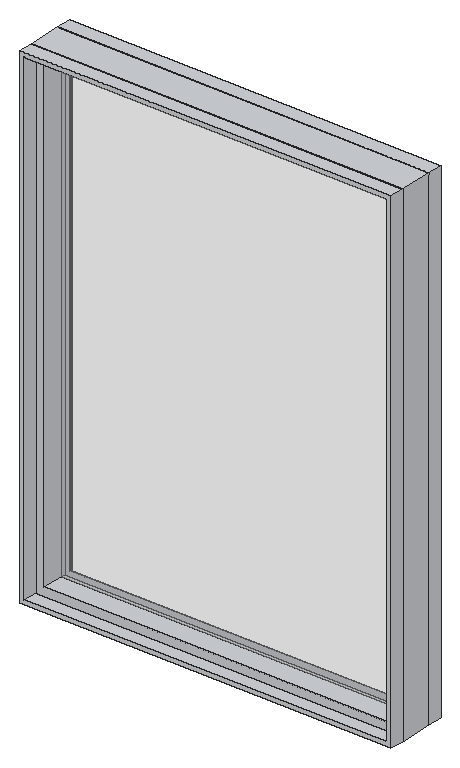
Revit family "G641_Fixed_Window-Peerless", category Windows, host Wall, Revit 2019
Family settings
  Host = Wall
  OmniClass Number = 23.30.20.00
  OmniClass Title = Windows
  Always vertical = Yes
  Cut with Voids When Loaded = No
  Shared = No
  Room Calculation Point = No
Parameters (values of type "G641 Fixed 36" x 48"")
  Weight (lbs) = (((Height / 1.000") / 12) + ((Width / 1.000") / 12)) * 7  # 49
  Warranty URL = "https://smartbim-library-production.s3.amazonaws.com/manufacturers/cdf3d296-4637-4822-8528-4df1e33802a8/products/91469a85-94f5-45f9-a60f-24c51597249b/downloads/7dff4158-d18c-4702-a036-b93493c65adf/Sample%20Warranty.pdf"
  URL = "https://www.peerlessproducts.com/"
  Rough Width = Width + 0.250"  # 36.250"
  Rough Height = Height + 0.250"  # 48.250"
  Product Page URL = "https://peerlessproducts.concora.com/products/4b51e9ca-30ed-4b1e-9726-d0223031c803"
  Product Data Sheet URL = "https://www.peerlessproducts.com/Portals/0/PeerlessAssets/pdf/G641Fixed.pdf"
  Model = "G641"  # constant formula
  Manufacturer Phone = "620-223-4610"  # constant formula
  Manufacturer Fax = "620-224-3107"  # constant formula
  Manufacturer Email = "slero@peerlessproducts.com"
  Manufacturer Address = "2403 S Main St, Fort Scott, KS 66701"  # constant formula
  Manufacturer = "Peerless Products, Inc"  # constant formula
  Height = 48.000"
  Frame Finish [instance] = none
  Description = "G641 is a fixed window most commonly used in mid-rise buildings and historical applications."  # constant formula
  Default Sill Height = 36.000"
  Wall Closure = By host
  Width = 36.000"
  Analytic Construction = "<None>"
  04 CSI = "08 50 00"  # constant formula
Reference planes (in)
  plane 1 "Center (Front/Back)": y = 0
  plane 2: z = 0
  plane 3 "Center (Left/Right)": x = 0
  plane 4 "Left": x = -18
  plane 5 "Right": x = 18
  plane 6 "Sill": z = 36
  plane 7 "Top": z = 84
Forms (in)
  Sweep 1, solid, material <- "Frame Finish"
    path origin (0, 0, 0) x (1, 0, 0) y (0, 0, 1)
      loop
        line (-18, 84) -> (-18, 36) -> (18, 36) -> (18, 84) -> (-18, 84)
    profile origin (0, 0, 84) x (0, 0, 1) y (0, -1, 0)
      loop
        line (0, -1.625) -> (0, 1.625) -> (-1.22002, 1.625) -> (-1.22002, -0.384) -> (-0.81399, -0.384) -> (-0.81399, -1.384) -> (-1.34229, -1.384) -> (-1.34229, -1.417)
        arc (-1.34229, -1.417) -> (-1.28705, -1.4473) -> (-1.25254, -1.5) r 0.13002
        line (-1.25254, -1.5) -> (-1.221, -1.5) -> (-1.221, -1.625) -> (0, -1.625)
  Extrusion 2, solid, material "Glass - Cardinal Glass - Peerless Products"
    sketch origin (0, 0, 0) x (1, 0, 0) y (0, 0, 1)
      loop
        line (-17.18601, 83.18601) -> (-17.18601, 36.81399) -> (17.18601, 36.81399) -> (17.18601, 83.18601) -> (-17.18601, 83.18601)
    from -1.384 to -0.384
  Sweep 3, solid, material <- "Frame Finish"
    path origin (-18, 1.625, 84) x (1, 0, 0) y (0, 0, -1)
      loop
        line (36, 48) -> (0, 48) -> (0, 0) -> (36, 0) -> (36, 48)
    profile origin (0, 1.625, 36) x (0, 0, 1) y (0, 1, 0)
      loop
        line (0, 0) -> (0.41883, 0) -> (0.25, 1.375) -> (0, 1.375) -> (0, 0)
  Sweep 4, solid, material <- "Frame Finish"
    path origin (-16.77998, -1.625, 82.77998) x (1, 0, 0) y (0, 0, 1)
      loop
        line (-1.22002, -46.77998) -> (34.77998, -46.77998) -> (34.77998, 1.22002) -> (-1.22002, 1.22002) -> (-1.22002, -46.77998)
    profile origin (0, -1.625, 36) x (0, 0, 1) y (0, -1, 0)
      loop
        line (0, 0) -> (0.4, 0) -> (0.4, 1.375) -> (0, 1.375) -> (0, 0)
Lines and regions (in)
  Opening 1
    outline origin (-60, -3, 0) x (1, 0, 0) y (0, 0, 1)
      loop
        line (42, 84) -> (42, 36) -> (78, 36) -> (78, 84) -> (42, 84)
Text (in)
  text "EXTERIOR" at (-58.6888, 50.90694, 0), in view "Ref. Level"
  text "INTERIOR" at (-58.6888, -37.76638, 0), in view "Ref. Level"
  text "Exterior" at (0, 43.65631, 123.19604), in view "Left"
  text "Exterior" at (0, 18.29385, 125.04747), in view "Right"
Dimensions and locks (in)
  equal spacing: plane 4 "Left", plane 3 "Center (Left/Right)", plane 5 "Right"
  "Width": plane 4 "Left" to plane 5 "Right"
  "Height": plane 6 "Sill" to plane 7 "Top"
  "Default Sill Height": plane 2 to plane 6 "Sill"
  locked: Sweep 3 sketch curve to Sweep 3 sketch curve at 0.25
  aligned and locked: plane 7 "Top" to Opening 1 sketch curve
  aligned and locked: plane 6 "Sill" to Opening 1 sketch curve  (x2)
  aligned and locked: plane 5 "Right" to Opening 1 sketch curve
  aligned and locked: plane 4 "Left" to Opening 1 sketch curve
  aligned and locked: level to plane 2
  aligned and locked: Extrusion 2 to Sweep 1  (x6)
  aligned and locked: import instance to plane 7 "Top"
  aligned and locked: Sweep 3 sketch curve to Sweep 1
  aligned and locked: Sweep 1 to Sweep 3 sketch curve
  aligned and locked: Sweep 3 sketch curve to host wall
  aligned and locked: Sweep 4 sketch curve to Sweep 1
  aligned and locked: Sweep 1 to Sweep 4 sketch curve
  aligned and locked: Sweep 4 sketch curve to host wall
Automatic sketch dimensions
  plane 5 "Right" to Sweep 1 sketch curve = 0.000"
  Sweep 1 sketch curve to plane 6 "Sill" = 0.000"
  Sweep 1 sketch curve to plane 7 "Top" = 0.000"
  plane 4 "Left" to Sweep 1 sketch curve = 0.000"
  Extrusion 2 sketch curve to plane 4 "Left" = 0.81399"
  plane 7 "Top" to Extrusion 2 sketch curve = 0.81399"
  Extrusion 2 sketch curve to plane 6 "Sill" = 0.81399"
  plane 5 "Right" to Extrusion 2 sketch curve = 0.81399"
  profile plane to Sweep 1 sketch curve = 0.000"
  profile plane to Sweep 1 sketch curve = 0.81399"
  Sweep 1 sketch curve to Sweep 1 sketch curve = 0.40701"
  Sweep 1 sketch curve to Sweep 1 sketch curve = 0.15434"
  Sweep 1 sketch curve to Sweep 1 sketch curve = 0.15531"
  Sweep 1 sketch curve to plane 1 "Center (Front/Back)" = 1.625"
  Sweep 1 sketch curve to Sweep 1 sketch curve = 0.08224"
  Sweep 1 sketch curve to Sweep 1 sketch curve = 0.125"
  Sweep 1 sketch curve to Sweep 1 sketch curve = 0.116"
  Sweep 1 sketch curve to Sweep 1 sketch curve = 1.000"
  plane 1 "Center (Front/Back)" to Sweep 1 sketch curve = 1.625"
  Sweep 1 sketch curve to Sweep 1 sketch curve = 0.03154"
  Sweep 1 sketch curve to Sweep 1 sketch curve = 0.08975"
  Sweep 3 sketch curve to Sweep 1 = 0.000"  (x4)
  Sweep 4 sketch curve to Sweep 1 = 0.000"  (x3)
  Sweep 1 to Sweep 4 sketch curve = 0.000"
  Sweep 4 sketch curve to profile plane = 0.400"
  Sweep 3 sketch curve to profile plane = 0.41883"
